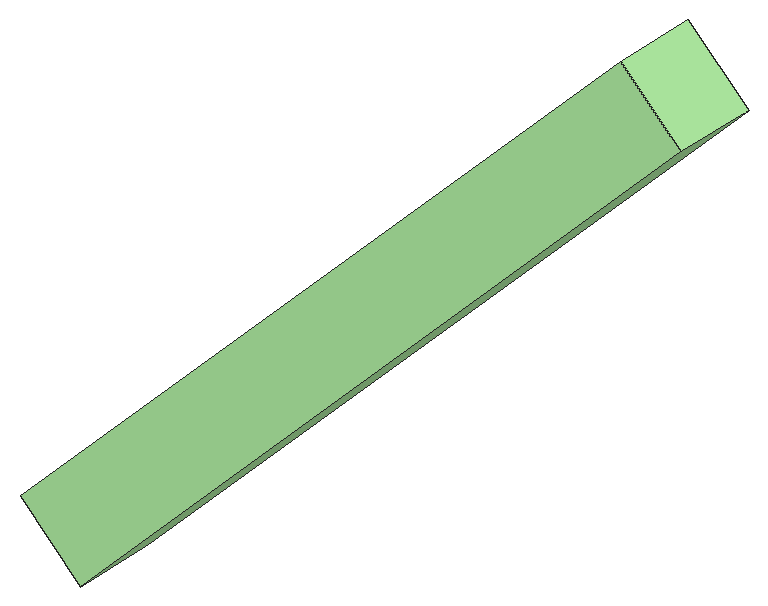
Revit family "ダクトサポート_等辺山形鋼", category Generic Models, Revit 2023
Family settings
  Can host rebar = No
  Round Connector Dimension = Use Diameter
  Part Type = Normal
  Work Plane-Based = Yes
  Always vertical = No
  Cut with Voids When Loaded = No
  Maintain Annotation Orientation = No
  Shared = No
  Room Calculation Point = No
Parameters (values of type "L 100 x 100")
  高さ = 100 mm
  長辺 [instance] = 長さ  # 1000 mm
  長さ [instance] = 1000 mm
  部屋名 = ""
  角度 [instance] = 45.00°
  Default Elevation = 1219.2 mm
  構造マテリアル = E202_ダクトサポート
  幅 = 100 mm
Types (18, lengths in mm): name | 高さ | 幅
  L 120 x 120 | 120 | 120
  L 130 x 130 | 130 | 130
  L 150 x 150 | 150 | 150
  L 175 x 175 | 175 | 175
  L 200 x 200 | 200 | 200
  L 25 x 25 | 25 | 25
  L 250 x 250 | 250 | 250
  L 30 x 30 | 30 | 30
  L 45 x 45 | 45 | 45
  L 50 x 50 | 50 | 50
  L 60 x 60 | 60 | 60
  L 65 x 65 | 65 | 65
  L 70 x 70 | 70 | 70
  L 75 x 75 | 75 | 75
  L 80 x 80 | 80 | 80
  L 90 x 90 | 90 | 90
  L 100 x 100 | 100 | 100
  L 40 x 40 | 40 | 40
Reference planes
  plane 1 "中心(正面/背面)": y = 0
  plane 2: z = 0
  plane 3 "中心(左/右)": x = 0
Lines and regions (mm)
  reference lines
    curve 1: line (0, 0, 0) -> (848.528, 0, 848.528)
    curve 2: line (35.355, 0, -35.355) -> (-35.355, 0, 35.355)
    curve 3: line (742.462, 0, 671.751) -> (671.751, 0, 742.462)
Dimensions and locks
  equal spacing: curve 2, curve 1, curve 2
  "高さ": curve 2 to curve 2
  equal spacing: curve 3, curve 1, curve 3
  "高さ": curve 3 to curve 3
  "長さ": curve 2 to curve 3
  "角度": angle level to curve 1
  angle curve 2 to curve 1 = 90.00°
  angle curve 3 to curve 1 = 90.00°
  aligned and locked: level to plane 2
  aligned and locked: level to curve 1
  aligned and locked: plane 3 "中心(左/右)" to curve 1
  aligned and locked: nested 1 to curve 1
Nested families
  nested 1: "グレーチング_等辺山形鋼" at (-35.355, 0, 35.355) x (0, 1, 0) z (0.7071, 0, -0.7071), 長さ <- "長さ", type "L 25 x 25"
    with 長辺 1000 mm, 長さ 1000 mm, 高さ 100 mm, 幅 100 mm
Definition of nested family "グレーチング_等辺山形鋼"
  Parameters (values of type "L 25 x 25")
    高さ = 25 mm
    長辺 [instance] = 長さ  # 1000 mm
    長さ [instance] = 1000 mm
    部屋名 = ""
    Default Elevation = 1219.2 mm
    構造マテリアル = none
    幅 = 25 mm
  Reference planes
    plane 1 "中心(正面/背面)": y = 0
    plane 2: z = 0
    plane 3 "中心(左/右)": x = 0
    plane 4: z = 12.5
    plane 5: z = 25
  Forms (mm)
    Extrusion 1, solid, material <- "構造マテリアル"
      sketch origin (0, 0, 0) x (1, 0, 0) y (0, 1, 0)
        loop
          line (-12.5, 1000) -> (-12.5, 0) -> (12.5, 0) -> (12.5, 1000) -> (-12.5, 1000)
      from 0 to 25
  Lines and regions (mm)
    reference lines
      curve 1: line (12.5, 1000, 0) -> (-12.5, 1000, 0)
      curve 2: line (12.5, 0, 0) -> (-12.5, 0, 0)
  Dimensions and locks
    "長さ": curve 1 to curve 2
    "幅": Extrusion 1 to Extrusion 1
    equal spacing: Extrusion 1, plane 3 "中心(左/右)", Extrusion 1
    "幅": curve 1 to curve 1
    equal spacing: curve 1, plane 3 "中心(左/右)", curve 1
    "幅": curve 2 to curve 2
    equal spacing: curve 2, plane 3 "中心(左/右)", curve 2
    equal spacing: plane 5, plane 4, level
    "高さ": plane 5 to level
    aligned and locked: level to plane 2
    aligned and locked: Extrusion 1 to curve 2
    aligned and locked: curve 1 to Extrusion 1
    aligned and locked: plane 5 to Extrusion 1
  Automatic sketch dimensions
    Extrusion 1 sketch curve to plane 3 "中心(左/右)" = 12.5 mm
    plane 3 "中心(左/右)" to Extrusion 1 sketch curve = 12.5 mm
    plane 1 "中心(正面/背面)" to Extrusion 1 sketch curve = 0 mm
    Extrusion 1 sketch curve to plane 1 "中心(正面/背面)" = 1000 mm
    plane 1 "中心(正面/背面)" to curve 2 = 0 mm
